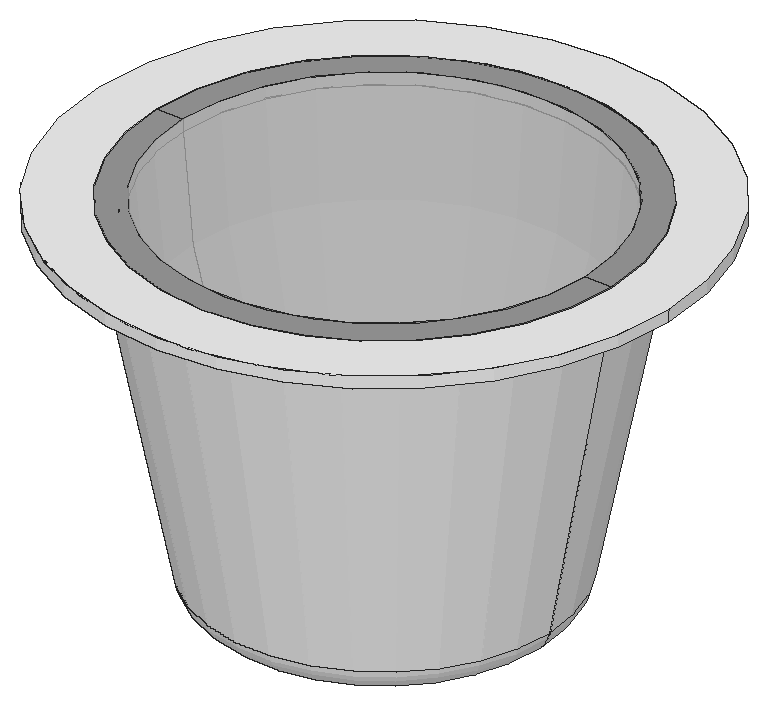
Revit family "2060535 Sylvania Lighting Fixture ASCENT100 II ARCH 2000 4K STD 120", category Lighting Fixtures, host Face, Revit 2016
Family settings
  Host = Face
  Part Type = Normal
  Round Connector Dimension = Use Diameter
  OmniClass Number = 23.80.70.11.17
  OmniClass Title = Specialized Lighting by Location or Use
  Cut with Voids When Loaded = No
  Light Source = Yes
  Shared = No
  Room Calculation Point = No
Parameters (values of type "2060535 ASCT100 II ARCH 2000 4K STD 120")
  Weight = "0.715 kg"
  WarrantyStartDate [instance] = "n/a"
  WarrantyGuarantorParts = "n/a"
  WarrantyDurationUnit = "n/a"
  WarrantyDurationParts = "n/a"
  WarrantyDescription = "n/a"
  Voltage = 0 V
  TypeName = "ASCENT100 II ARCH 2000 4K STD 120"
  SerialNumber [instance] = "n/a"
  ReflectorRadius_SYL = Radius_SYL - 15.0 mm  # 60.0 mm
  PowerFactor = 0
  PowerConsumption = "18 W"
  NominalWidth = 0.0 mm
  NominalLength = 0.0 mm
  NominalHeight = 94.0 mm
  Name = "ASCENT100 II ARCH 2000 4K STD 120"
  ModelReference = "ASCENT100 II ARCH 2000 4K STD 120"
  ModelNumber = "2060535"
  Material_4_SYL = Aluminium_Sylvania_Ascent_Silver
  Radius_SYL = 75.0 mm
  Wattage = 18 W
  built-in parameter 1150110 = 1 (stored number, unit not read)
  URL = "http://www.sylvania-lighting.com"
  built-in parameter 1114217 = 1 (stored number, unit not read)
  Tilt Angle = -90°
  built-in parameter 1150109 = 1 (stored number, unit not read)
  built-in parameter 1150134 = 12
  built-in parameter 1150113 = 1 (stored number, unit not read)
  Photometric Web File = "2060535.ies"
  Material = "aluminium housing, acrylic diffuser"
  ManufacturerName = "Feilo Sylvania"
  LuminousEfficacy = "113 lm/W"
  LuminaireType = ""
  LightOutputRatio = "100"
  LampsType = Lamp  # "LED"
  LampNominalLuminous = "2029 lm"
  LampMacAdamStep = "n/a"
  LampColourTemperature = "4000 K"
  LampColourRenderingIndex = "80"
  Keynote = "16500"
  InstallationDate [instance] = "n/a"
  InputVoltage = "n/a"
  InputNominalFrequency = "n/a"
  IngressProtection = "IP40"
  ImpactProtectionIndex = "IK02"
  IfcExportType = "IfcLightFixtureType"
  IfcExportAs = "IfcLightFixtureType"
  Height_SYL = 94.0 mm
  ExpectedLife = 50000
  Emit from Circle Diameter = 2 * DiffuserRadius_SYL  # 106.0 mm
  Emit Shape Visible in Rendering = no
  ElectricShockClassification = "Class II"
  DurationUnit = "hours"
  DocumentationLiterature = "http://www.sylvania-lighting.com/product/en-int/products/2060535"
  DimmingControlOptions = "n/a"
  DiffuserRadius_SYL = ReflectorRadius_SYL - 7.0 mm  # 53.0 mm
  Material_3_SYL = Polycarbonate_Sylvania_Ascent_Clear
  Diameter_SYL = 2 * Radius_SYL  # 150.0 mm
  CutoutDiameter_SYL = Diameter_SYL - 13.0 mm  # 137.0 mm
  CreatedOn = "9/17/2018"
  CreatedBy = "@sylvania-lighting.com"
  built-in parameter 1114216 [instance] = 1 (stored number, unit not read)
  Model = "ASCENT100 II ARCH 2000 4K STD 120"
  Manufacturer = "Feilo Sylvania"
  built-in parameter 1150105 = 161.86 (stored number, unit not read)
  Lumens = 2034 lm
  built-in parameter 1150115 = 1 (stored number, unit not read)
  built-in parameter 1150137 = (empty or 0)
  built-in parameter 1150139 = (empty or 0)
  built-in parameter 1150112 = 1 (stored number, unit not read)
  built-in parameter 1150114 = 1 (stored number, unit not read)
  Lamp = "LED"
  built-in parameter 1150132 = 2
  built-in parameter 1150102 = (empty or 0)
  built-in parameter 1150107 = 4000 (stored number, unit not read)
  built-in parameter 1150138 = (empty or 0)
  built-in parameter 1150106 = 1.6186 (stored number, unit not read)
  Material_1_SYL = Aluminum_Sylvania_Ascent_White
  built-in parameter 1150104 = 10.498 (stored number, unit not read)
  Dimming Lamp Color Temperature Shift = <None>
  Description = "Direct LED retro fit for original LED 100 Arch (120) single CFL lamp offering Matching lumen levels and improved light distribution of original LED 100 CFL lamp equivalents Typically half the power consumption compared to CFL Up to 104lm/W 120mm aperture Architectural reflector accepts range of glass accessories from existing LED 100 Arch 120 offering HE, HO and VHO versions equivalent of single 1 x 13W, 1 x 18W, 1 x 26W Additional VVHO versions which offer the performance circa 2 x 26W equivalent"  # constant formula
  Default Elevation = 0.0 mm
  Color Filter = 16777215
  built-in parameter 1140040 [instance] = 1
  BarCode [instance] = "n/a"
  built-in parameter 1114218 = 1 (stored number, unit not read)
  built-in parameter 1150133 = 10 (stored number, unit not read)
  AssetType = "Fixed"
  AssetIdentifier [instance] = "n/a"
  Assembly Code = "D5020200"
  Apparent Load = 18 VA
  Aperture_SYL = 2 * ReflectorRadius_SYL  # 120.0 mm
  Material_2_SYL = Aluminum_Sylvania_Ascent_White
Reference planes
  plane 1 "Center (Front/Back)": y = 0
  plane 2: z = 0
  plane 3 "Center (Left/Right)": x = 0
  plane 4 "Fixture Bottom": z = 3
  plane 5: z = -52.5
  plane 6 "Fixture Top": z = -91
Forms (mm)
  Extrusion 1, solid, material "Aluminum_Sylvania_Ascent_White" <- "Material_2_SYL", detail levels fine
    sketch origin (0, 0, 0) x (1, 0, 0) y (0, 1, 0)
      loop
        circle (0, 0) r 75
      loop
        circle (0, 0) r 60
    from 0 to 3
  Extrusion 2, void
    sketch origin (0, 0, 0) x (1, 0, 0) y (0, 1, 0)
      loop
        circle (0, 0) r 68.5
    from -91 to 3
  Revolve 3, solid, material "Aluminum_Sylvania_Ascent_White" <- "Material_1_SYL", detail levels fine
    sketch origin (0, 0, 0) x (1, 0, 0) y (0, 0, 1)
      loop
        line (0, -91.073) -> (0, -89.023) -> (-35.468, -89.014)
        arc (-35.468, -89.014) -> (-39.352, -87.613) -> (-41.54, -84.139) r 6.307
        line (-41.54, -84.139) -> (-57.991, -2.844) -> (-57.991, 0) -> (-60, 0) -> (-60, -3) -> (-43.5, -84.536)
        arc (-43.5, -84.536) -> (-40.643, -89.203) -> (-35.5, -91.073) r 8.291
        line (-35.5, -91.073) -> (0, -91.073)
      axis (0, 0) -> (0, -91.073)
    angle from 0 to 360
  Revolve 4, solid, material "Aluminium_Sylvania_Ascent_Silver" <- "Material_4_SYL", detail levels fine
    sketch origin (0, 0, 0) x (1, 0, 0) y (0, 0, 1)
      loop
        line (-60, 3) -> (-60, 0) -> (-55, 0)
        arc (-55, 0) -> (-52.349, -26.77) -> (-44.5, -52.5) r 136.5
        line (-44.5, -52.5) -> (-38, -52.5)
        arc (-38, -52.5) -> (-36.857, -61.521) -> (-33.5, -69.971) r 36.166
        line (-33.5, -69.971) -> (0, -69.971) -> (0, -50.5) -> (-43.16, -50.5)
        arc (-43.16, -50.5) -> (-50.517, -25.725) -> (-53, 0) r 134.5
        line (-53, 0) -> (-53, 3) -> (-60, 3)
      axis (0, 3) -> (0, -69.971)
    angle from 0 to 360
  Extrusion 5, solid, material "Polycarbonate_Sylvania_Ascent_Clear" <- "Material_3_SYL", detail levels fine
    sketch origin (0, 0, 0) x (1, 0, 0) y (0, 1, 0)
      loop
        circle (0, 0) r 53
    from 0 to 3
  Revolve 6, solid, material "Aluminum_Sylvania_Ascent_White" <- "Material_2_SYL", detail levels coarse+medium
    sketch origin (0, 0, 0) x (1, 0, 0) y (0, 0, 1)
      loop
        line (0, -91.073) -> (0, 3) -> (-75, 3) -> (-75, 0) -> (-60, 0) -> (-60, -3) -> (-43.5, -84.536)
        arc (-43.5, -84.536) -> (-40.643, -89.203) -> (-35.5, -91.073) r 8.291
        line (-35.5, -91.073) -> (0, -91.073)
      axis (0, 3) -> (0, -91.073)
    angle from 0 to 360
Dimensions and locks
  locked: plane 4 "Fixture Bottom" to plane 2 at 3
  "Height_SYL": plane 4 "Fixture Bottom" to plane 6 "Fixture Top"
  "ReflectorRadius_SYL": plane 3 "Center (Left/Right)" to Revolve 4 sketch curve
  locked: Revolve 4 sketch curve to Revolve 4 sketch curve at 15.5
  locked: Revolve 4 sketch curve to Revolve 4 sketch curve at 5
  locked: Revolve 4 sketch curve to Revolve 4 sketch curve at 7
  locked: Revolve 4 sketch curve to Revolve 4 sketch curve at 22
  locked: Revolve 4 sketch curve to Revolve 4 sketch curve at 26.5
  locked: Revolve 3 sketch curve to Revolve 3 sketch curve at 16.5
  locked: Revolve 3 sketch curve to Revolve 3 sketch curve at 24.5
  "ReflectorRadius_SYL": Revolve 3 sketch curve to plane 3 "Center (Left/Right)"
  locked: Revolve 3 sketch curve to plane 6 "Fixture Top" at 6.464
  locked: plane 2 to Revolve 3 sketch curve at 3
  locked: Revolve 3 sketch curve to Revolve 3 sketch curve at 2
  locked: Revolve 3 sketch curve to Revolve 3 sketch curve at 2.009
  locked: plane 2 to plane 5 at 52.5
  locked: Revolve 6 sketch curve to Revolve 6 sketch curve at 31.5
  locked: Revolve 6 sketch curve to Revolve 6 sketch curve at 39.5
  locked: Revolve 6 sketch curve to Revolve 6 sketch curve at 15
  "Radius_SYL": plane 3 "Center (Left/Right)" to Revolve 6 sketch curve
  "CutoutDiameter_SYL": diameter of Extrusion 2 sketch curve
  "ReflectorRadius_SYL": radius of Extrusion 1 sketch curve
  "DiffuserRadius_SYL": radius of Extrusion 5 sketch curve
  "Radius_SYL": radius of Extrusion 1 sketch curve
  aligned and locked: host face to plane 2
  aligned and locked: host face to level
  aligned and locked: plane 1 "Center (Front/Back)" to imposter light
  aligned and locked: plane 3 "Center (Left/Right)" to imposter light
  aligned and locked: plane 4 "Fixture Bottom" to Extrusion 1
  aligned and locked: Extrusion 1 to plane 2
  aligned and locked: Revolve 3 sketch curve to plane 3 "Center (Left/Right)"
  aligned and locked: Revolve 4 sketch curve to plane 3 "Center (Left/Right)"  (x2)
  aligned and locked: plane 4 "Fixture Bottom" to Revolve 4 sketch curve
  aligned and locked: Revolve 3 sketch curve to imposter light
  aligned and locked: Extrusion 5 to plane 2
  aligned and locked: imposter light to Extrusion 5
  aligned and locked: plane 2 to Revolve 3 sketch curve  (x2)
  aligned and locked: Revolve 6 sketch curve to imposter light
  aligned and locked: Revolve 6 sketch curve to plane 3 "Center (Left/Right)"
  aligned and locked: plane 6 "Fixture Top" to Extrusion 2
  aligned and locked: imposter light to Extrusion 2
  aligned and locked: imposter light to plane 4 "Fixture Bottom"
Automatic sketch dimensions
  plane 1 "Center (Front/Back)" to Extrusion 2 sketch curve = 0.0 mm
  Extrusion 2 sketch curve to plane 3 "Center (Left/Right)" = 0.0 mm
  Extrusion 1 sketch curve to Extrusion 1 sketch curve = 0.0 mm  (x2)
  plane 1 "Center (Front/Back)" to Extrusion 1 sketch curve = 0.0 mm
  Extrusion 1 sketch curve to plane 3 "Center (Left/Right)" = 0.0 mm
  plane 6 "Fixture Top" to Revolve 3 sketch curve = 0.073 mm
  Revolve 3 sketch curve to plane 6 "Fixture Top" = 6.861 mm
  Revolve 3 sketch curve to Revolve 3 sketch curve = 0.003 mm
  Revolve 3 sketch curve to Revolve 3 sketch curve = 0.009 mm  (x2)
  Revolve 3 sketch curve to Revolve 3 sketch curve = 0.023 mm
  Revolve 3 sketch curve to Revolve 3 sketch curve = 0.072 mm
  Revolve 3 sketch curve to Revolve 3 sketch curve = 0.008 mm
  Revolve 3 sketch curve to plane 6 "Fixture Top" = 1.977 mm
  Revolve 3 sketch curve to Revolve 3 sketch curve = 33.496 mm
  Revolve 3 sketch curve to Revolve 3 sketch curve = 0.028 mm
  plane 4 "Fixture Bottom" to Revolve 3 sketch curve = 82.431 mm
  Revolve 4 sketch curve to Revolve 4 sketch curve = 0.0 mm  (x2)
  Revolve 4 sketch curve to plane 5 = 0.0 mm
  Revolve 4 sketch curve to level = 0.0 mm
  plane 5 to Revolve 4 sketch curve = 2.0 mm
  plane 4 "Fixture Bottom" to Revolve 4 sketch curve = 9.642 mm
  plane 1 "Center (Front/Back)" to Extrusion 5 sketch curve = 0.0 mm
  Extrusion 5 sketch curve to plane 3 "Center (Left/Right)" = 0.0 mm
  Revolve 4 sketch curve to level = 69.971 mm
  Revolve 4 sketch curve to Revolve 4 sketch curve = 2.387 mm
  Revolve 6 sketch curve to level = 0.0 mm
  Revolve 6 sketch curve to plane 3 "Center (Left/Right)" = 0.0 mm
  Revolve 6 sketch curve to Revolve 6 sketch curve = 8.104 mm
  Revolve 6 sketch curve to level = 3.0 mm
  Revolve 6 sketch curve to plane 6 "Fixture Top" = 6.464 mm
  plane 6 "Fixture Top" to Revolve 6 sketch curve = 0.073 mm
  Revolve 6 sketch curve to Revolve 6 sketch curve = 33.496 mm
  plane 4 "Fixture Bottom" to Revolve 6 sketch curve = 82.431 mm
  host sketch curve to host sketch curve = 1368.192 mm
  host sketch curve to host sketch curve = 1600.367 mm
Connectors
  electrical at (0, 0, -91.073), driven by "Apparent Load"
    settings: on Revolve 3, index 1, voltage 240 V, apparent load 0 VA, apparent load phase1 18 VA, apparent load phase2 0 VA, apparent load phase3 0 VA, power factor 1, load classification "Lighting", number of poles 1, system type 31, power factor state 1, is connector primary yes, connector utility no, sub classification motor no, connector description ""
